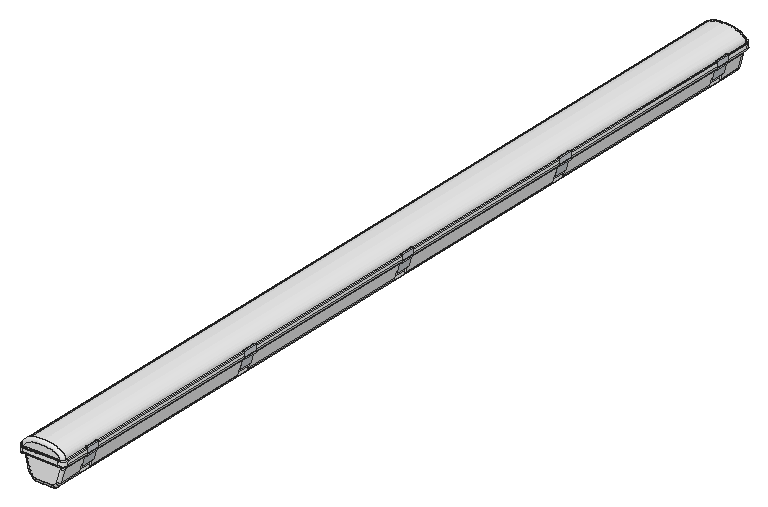
Revit family "0048829 Feilo Sylvania Lighting Fixture HYDROPROOF LED G3 1500MM S 4K QC", category Lighting Fixtures, host Face, Revit 2016
Family settings
  Host = Face
  Part Type = Normal
  Round Connector Dimension = Use Diameter
  OmniClass Number = 23.80.70.11.14
  OmniClass Title = General Luminaries, Directional
  Cut with Voids When Loaded = No
  Light Source = Yes
  Shared = No
  Room Calculation Point = No
Parameters (values of type "0048829 HYDROPROOF LED G3 1500MM S 4K QC  ")
  Width = 84 mm
  Weight = "2.25 kg"
  Wattage Comments = "n/a"
  Wattage = 31 W
  WarrantyStartDate [instance] = "n/a"
  WarrantyGuarantorParts = "n/a"
  WarrantyDurationUnit = "n/a"
  WarrantyDurationParts = "n/a"
  WarrantyDescription = "n/a"
  built-in parameter 1150110 = 1 (stored number, unit not read)
  Voltage = 230 V
  URL = "http://www.sylvania-lighting.com"
  TypeName = "HYDROPROOF LED G3 1500MM S 4K QC"
  Type Image = <None>
  Type Comments = "n/a"
  built-in parameter 1114217 = 1 (stored number, unit not read)
  Tilt Angle = -90.00°
  built-in parameter 1150109 = 1 (stored number, unit not read)
  built-in parameter 1150134 = 12
  built-in parameter 1150113 = 1 (stored number, unit not read)
  SerialNumber [instance] = "n/a"
  ReflectorMaterial = none
  PowerFactor = 0
  PowerConsumption = "31 W"
  Photometric Web File = "0048829.ies"
  NominalWidth = 0 mm
  NominalLength = 1578 mm
  NominalHeight = 75 mm
  Name = "HYDROPROOF LED G3 1500MM S 4K QC"
  ModelReference = "HYDROPROOF LED G3 1500MM S 4K QC"
  ModelNumber = "0048829"
  Model = "HYDROPROOF LED G3 1500MM S 4K QC"
  Material = "grp housing, pmma diffuser"
  ManufacturerName = "Feilo Sylvania"
  Manufacturer = "Feilo Sylvania"
  LuminousEfficacy = "160 lm/W"
  built-in parameter 1150105 = 394.7 (stored number, unit not read)
  Lumens = 4960 lm
  LuminaireType = ""
  built-in parameter 1150115 = 1 (stored number, unit not read)
  LightOutputRatio = "n/a"
  built-in parameter 1150137 = (empty or 0)
  built-in parameter 1150139 = (empty or 0)
  Length = 1572 mm
  LampsType = Lamp  # "LED"
  LampNominalLuminous = "4950 lm"
  LampMacAdamStep = "3"
  LampColourTemperature = "4000 K"
  LampColourRenderingIndex = "80"
  built-in parameter 1150112 = 1 (stored number, unit not read)
  built-in parameter 1150114 = 1 (stored number, unit not read)
  Lamp = "LED"
  Keynote = "16500"
  InstallationDate [instance] = "n/a"
  InputVoltage = "220-240V~"
  InputNominalFrequency = "50/60 Hz"
  built-in parameter 1150132 = (empty or 0)
  built-in parameter 1150102 = (empty or 0)
  built-in parameter 1150107 = 4000 (stored number, unit not read)
  built-in parameter 1150138 = (empty or 0)
  IngressProtection = "IP65"
  ImpactProtectionIndex = "IK02"
  built-in parameter 1150106 = 3.947 (stored number, unit not read)
  IfcExportType = "IfcLightFixtureType"
  IfcExportAs = "IfcLightFixtureType"
  ExpectedLife = 50000
  Emit from Rectangle Width = Width - 20 mm  # 64 mm
  Emit from Rectangle Length = Length - 20 mm  # 1552 mm
  Emit Shape Visible in Rendering = no
  ElectricShockClassification = "Class I"
  built-in parameter 1150104 = 14.864 (stored number, unit not read)
  DurationUnit = "hours"
  DocumentationLiterature = "http://www.sylvania-lighting.com/product/en-int/products/0048829"
  DimmingControlOptions = "Non dimmable"
  Dimming Lamp Color Temperature Shift = <None>
  DiffuserMaterial = Diffuser-Sylvania-Transparent
  Description = "Hydroproof, integrated LED chemical resistant weatherproof luminaire with quick connector, with UV stabilized flat diffuser and linear prisms designed to achieve uniform lit appearance, optimise light output and to reduce glare, stainless steel diffuser clips and fixing brackets for surface and wall mounting. L 1578 mm x W 84 mm x H 75 mm size, GRP housing, PMMA diffuser, Non dimmable,   4000K, CRI80,  4950 lm, 31 W, 160 lm/W, nominal average life (h):50000, energy class: A++ A+ A Class I,IK02, IP65."
  Default Elevation = 1219.2 mm
  CreatedOn = "3/27/2018"
  CreatedBy = "aron.fodor@feilosylvania.com"
  Cost = 0
  Color Filter = 16777215
  built-in parameter 1114216 [instance] = (empty or 0)
  ClassificationValue = "EF_70_80"
  ClassificationName = "Uniclass2015"
  BodyMaterial = Body-Sylvania-Gray
  BarCode [instance] = "n/a"
  built-in parameter 1114218 = 1 (stored number, unit not read)
  built-in parameter 1150133 = 10 (stored number, unit not read)
  AssetType = "Fixed"
  AssetIdentifier [instance] = "n/a"
  Assembly Code = "D5020200"
  Apparent Load = 31 VA
  AccessoryMaterial = Diffuser-Sylvania-Glow
Reference planes
  plane 1 "Center (Front/Back)": y = 0
  plane 2: z = 0
  plane 3 "Center (Left/Right)": x = 0
  plane 4: z = 54
  plane 5: x = -14.7
  plane 6: x = -21.8
  plane 7: x = -26.6
  plane 8: x = -29.2
  plane 9: z = 3
  plane 10: z = 7.8
  plane 11: z = 12.3
  plane 12: z = 36.6
  plane 13: z = 42.8
  plane 14: x = -38.1
  plane 15: z = 46.2
  plane 16: x = -42
  plane 17: y = 786
  plane 18: y = -786
  plane 19: x = 14.7
  plane 20: x = 21.8
  plane 21: x = 26.6
  plane 22: x = 29.2
  plane 23: x = 38.1
  plane 24: x = 42
  plane 25: y = 778.4
  plane 26: y = -778.4
  plane 27: y = -774.7
  plane 28: y = 774.7
  plane 29: z = 74
  plane 30: x = -38.5
  plane 31: x = 38.5
  plane 32: z = 55.2
  plane 33: y = -782.5
  plane 34: y = 782.5
  plane 35: x = -24.5
  plane 36: x = 24.5
  plane 37: x = -35.7
  plane 38: x = 35.7
  plane 39: z = 50.2
  plane 40: z = 24.6
  plane 41: y = -720
  plane 42: y = -734
  plane 43: y = -706
  plane 44: y = 720
  plane 45: y = -720
  plane 46: y = -734
  plane 47: y = -706
  plane 48: y = 720
  plane 49: y = 706
  plane 50: y = 734
  plane 51: y = -360
  plane 52: y = -374
  plane 53: y = -346
  plane 54: y = 0
  plane 55: y = -14
  plane 56: y = 14
  plane 57: y = 360
  plane 58: y = 346
  plane 59: y = 374
Forms (mm)
  Sweep 1, solid, material "Body-Sylvania-Gray" <- "BodyMaterial", detail levels medium+fine
    path origin (1223.4, -4572, 54) x (0, -1, 0) y (1, 0, 0)
      loop
        arc (-3796, -1265.4) -> (-3788.929, -1262.471) -> (-3786, -1255.4) r 10
        line (-3786, -1255.4) -> (-3786, -1191.4)
        arc (-3786, -1191.4) -> (-3788.929, -1184.329) -> (-3796, -1181.4) r 10
        line (-3796, -1181.4) -> (-5348, -1181.4)
        arc (-5348, -1181.4) -> (-5355.071, -1184.329) -> (-5358, -1191.4) r 10
        line (-5358, -1191.4) -> (-5358, -1255.4)
        arc (-5358, -1255.4) -> (-5355.071, -1262.471) -> (-5348, -1265.4) r 10
        line (-5348, -1265.4) -> (-3796, -1265.4)
    profile origin (-42, 0, 54) x (-1, 0, 0) y (0, 0, 1)
      loop
        line (0, 0) -> (-1, 0) -> (-1, -7.726)
        arc (-1, -7.726) -> (-1.994, -9.498) -> (-3.9, -10.2) r 2.937
        line (-3.9, -10.2) -> (-8.571, -10.2) -> (-8.571, -11.2) -> (-3.9, -11.2)
        arc (-3.9, -11.2) -> (-1.313, -10.231) -> (0, -7.8) r 3.937
        line (0, -7.8) -> (0, 0)
  Sweep 2, solid, material "Body-Sylvania-Gray" <- "BodyMaterial", detail levels medium+fine
    path origin (0, 0, 0) x (1, 0, 0) y (0, 0, 1)
      loop
        line (35.7, 42.8) -> (35.7, 36.6) -> (29.203, 12.31)
        arc (29.203, 12.31) -> (28.199, 9.884) -> (26.6, 7.8) r 10.052
        line (26.6, 7.8) -> (21.8, 3)
        arc (21.8, 3) -> (18.554, 0.781) -> (14.7, 0) r 9.902
        line (14.7, 0) -> (0, 0) -> (-14.7, 0)
        arc (-14.7, 0) -> (-18.554, 0.781) -> (-21.8, 3) r 9.902
        line (-21.8, 3) -> (-26.6, 7.8)
        arc (-26.6, 7.8) -> (-28.199, 9.884) -> (-29.203, 12.31) r 10.052
        line (-29.203, 12.31) -> (-35.7, 36.6) -> (-35.7, 42.8)
    profile origin (0, 0, 0) x (0, 0, -1) y (0, -1, 0)
      loop
        arc (0, 773.4) -> (-1.464, 776.936) -> (-5, 778.4) r 5
        line (-5, 778.4) -> (-7.8, 778.4) -> (-7.8, -778.4) -> (-5, -778.4)
        arc (-5, -778.4) -> (-1.464, -776.936) -> (0, -773.4) r 5
        line (0, -773.4) -> (0, 773.4)
  Extrusion 3, solid, material "Body-Sylvania-Gray" <- "BodyMaterial", detail levels medium+fine
    sketch origin (1524, 778.4, 1219.2) x (1, 0, 0) y (0, 0, 1)
      loop
        arc (-1545.668, -1204.874) -> (-1545.443, -1205.418) -> (-1545.085, -1205.885) r 2.252
        line (-1545.085, -1205.885) -> (-1540.231, -1210.738)
        arc (-1540.231, -1210.738) -> (-1539.534, -1211.227) -> (-1538.7, -1211.4) r 2.102
        line (-1538.7, -1211.4) -> (-1509.3, -1211.4)
        arc (-1509.3, -1211.4) -> (-1508.466, -1211.227) -> (-1507.769, -1210.738) r 2.102
        line (-1507.769, -1210.738) -> (-1502.915, -1205.885)
        arc (-1502.915, -1205.885) -> (-1502.557, -1205.418) -> (-1502.332, -1204.874) r 2.252
        line (-1502.332, -1204.874) -> (-1496.1, -1181.575) -> (-1496.1, -1176.4) -> (-1551.9, -1176.4) -> (-1551.9, -1181.575) -> (-1545.668, -1204.874)
    from 0 to 1556.8
  Sweep 4, solid, material "Diffuser-Sylvania-Transparent" <- "DiffuserMaterial", detail levels medium+fine
    path origin (0, 0, 0) x (1, 0, 0) y (0, 0, 1)
      loop
        spline (-38.5, 55.2) -> (-37.188, 60.066) -> (-33.342, 64.6) -> (-27.224, 68.494) -> (-19.25, 71.481) -> (-9.965, 73.359) -> (0, 74) -> (9.965, 73.359) -> (19.25, 71.481) -> (27.224, 68.494) -> (33.342, 64.6) -> (37.188, 60.066) -> (38.5, 55.2)
    profile origin (38.5, 0, 55.2) x (0, -1, 0) y (1, 0, 0)
      loop
        arc (782.5, -5.5) -> (780.889, -1.611) -> (777, 0) r 5.5
        line (777, 0) -> (-777, 0)
        arc (-777, 0) -> (-780.889, -1.611) -> (-782.5, -5.5) r 5.5
        line (-782.5, -5.5) -> (-782.5, -6.3) -> (-781.5, -6.3) -> (-781.5, -5.5)
        arc (-781.5, -5.5) -> (-780.182, -2.318) -> (-777, -1) r 4.5
        line (-777, -1) -> (777, -1)
        arc (777, -1) -> (780.182, -2.318) -> (781.5, -5.5) r 4.5
        line (781.5, -5.5) -> (781.5, -6.347) -> (782.5, -6.347) -> (782.5, -5.5)
  Extrusion 5, solid, material "Diffuser-Sylvania-Transparent" <- "DiffuserMaterial", detail levels medium+fine
    sketch origin (1524, -782.5, 1219.2) x (1, 0, 0) y (0, 0, 1)
      loop
        line (-1556.653, -1164) -> (-1491.347, -1164)
        spline (-1491.347, -1164) -> (-1491.939, -1161.945) -> (-1494.434, -1159.066) -> (-1499.342, -1155.96) -> (-1506.338, -1153.35) -> (-1514.799, -1151.648) -> (-1524, -1151.047) -> (-1533.201, -1151.648) -> (-1541.662, -1153.35) -> (-1548.658, -1155.96) -> (-1553.566, -1159.066) -> (-1556.061, -1161.945) -> (-1556.653, -1164)
    from 0 to -1
  Extrusion 6, solid, material "Diffuser-Sylvania-Transparent" <- "DiffuserMaterial", detail levels medium+fine
    sketch origin (1524, 782.5, 1219.2) x (1, 0, 0) y (0, 0, 1)
      loop
        spline (-1491.3, -1164) -> (-1491.898, -1161.922) -> (-1494.404, -1159.03) -> (-1499.322, -1155.918) -> (-1506.325, -1153.305) -> (-1514.793, -1151.602) -> (-1524, -1151) -> (-1533.207, -1151.602) -> (-1541.675, -1153.305) -> (-1548.678, -1155.918) -> (-1553.596, -1159.03) -> (-1556.102, -1161.922) -> (-1556.7, -1164)
        line (-1556.7, -1164) -> (-1491.3, -1164)
    from 0 to 1
  Extrusion 7, solid, material "Diffuser-Sylvania-Glow" <- "AccessoryMaterial", detail levels fine
    sketch origin (0, 0, 0) x (1, 0, 0) y (0, 0, 1)
      loop
        circle (0, 50.2) r 8
    from -774.7 to 774.7
  Extrusion 8, void
    sketch origin (0, -720, 2343.807) x (0, 0, -1) y (-1, 0, 0)
      loop
        line (2340.807, -24.5) -> (2331.507, -24.5) -> (2319.207, -29.2) -> (2319.207, -35.7) -> (2340.807, -35.7) -> (2340.807, -24.5)
      loop
        line (2340.807, 24.5) -> (2340.807, 35.7) -> (2319.207, 35.7) -> (2319.207, 29.2) -> (2331.507, 24.5) -> (2340.807, 24.5)
    from 14 to -14
  Extrusion 9, void, not visible
    sketch origin (0, -720, 2343.807) x (0, 0, -1) y (-1, 0, 0)
      loop
        line (2340.807, -24.5) -> (2331.507, -24.5) -> (2319.207, -29.2) -> (2319.207, -35.7) -> (2340.807, -35.7) -> (2340.807, -24.5)
      loop
        line (2340.807, 24.5) -> (2340.807, 35.7) -> (2319.207, 35.7) -> (2319.207, 29.2) -> (2331.507, 24.5) -> (2340.807, 24.5)
    from 14 to -14
  Extrusion 10, void
    sketch origin (0, 720, 2343.807) x (0, 0, -1) y (-1, 0, 0)
      loop
        line (2340.807, -24.5) -> (2331.507, -24.5) -> (2319.207, -29.2) -> (2319.207, -35.7) -> (2340.807, -35.7) -> (2340.807, -24.5)
      loop
        line (2340.807, 24.5) -> (2340.807, 35.7) -> (2319.207, 35.7) -> (2319.207, 29.2) -> (2331.507, 24.5) -> (2340.807, 24.5)
    from 14 to -14
  Extrusion 11, void
    sketch origin (0, -360, 2343.807) x (0, 0, -1) y (-1, 0, 0)
      loop
        line (2340.807, -24.5) -> (2331.507, -24.5) -> (2319.207, -29.2) -> (2319.207, -35.7) -> (2340.807, -35.7) -> (2340.807, -24.5)
      loop
        line (2340.807, 24.5) -> (2340.807, 35.7) -> (2319.207, 35.7) -> (2319.207, 29.2) -> (2331.507, 24.5) -> (2340.807, 24.5)
    from 14 to -14
  Extrusion 12, void
    sketch origin (0, 0, 2343.807) x (0, 0, -1) y (-1, 0, 0)
      loop
        line (2340.807, -24.5) -> (2331.507, -24.5) -> (2319.207, -29.2) -> (2319.207, -35.7) -> (2340.807, -35.7) -> (2340.807, -24.5)
      loop
        line (2340.807, 24.5) -> (2340.807, 35.7) -> (2319.207, 35.7) -> (2319.207, 29.2) -> (2331.507, 24.5) -> (2340.807, 24.5)
    from 14 to -14
  Extrusion 13, void
    sketch origin (0, 360, 2343.807) x (0, 0, -1) y (-1, 0, 0)
      loop
        line (2340.807, -24.5) -> (2331.507, -24.5) -> (2319.207, -29.2) -> (2319.207, -35.7) -> (2340.807, -35.7) -> (2340.807, -24.5)
      loop
        line (2340.807, 24.5) -> (2340.807, 35.7) -> (2319.207, 35.7) -> (2319.207, 29.2) -> (2331.507, 24.5) -> (2340.807, 24.5)
    from 14 to -14
  Extrusion 14, solid, material "Diffuser-Sylvania-Transparent" <- "DiffuserMaterial", detail levels medium+fine
    sketch origin (1223.4, -4572, 54) x (0, -1, 0) y (-1, 0, 0)
      loop
        arc (-5348, 1265.4) -> (-5355.071, 1262.471) -> (-5358, 1255.4) r 10
        line (-5358, 1255.4) -> (-5358, 1191.4)
        arc (-5358, 1191.4) -> (-5355.071, 1184.329) -> (-5348, 1181.4) r 10
        line (-5348, 1181.4) -> (-3796, 1181.4)
        arc (-3796, 1181.4) -> (-3788.929, 1184.329) -> (-3786, 1191.4) r 10
        line (-3786, 1191.4) -> (-3786, 1255.4)
        arc (-3786, 1255.4) -> (-3788.929, 1262.471) -> (-3796, 1265.4) r 10
        line (-3796, 1265.4) -> (-5348, 1265.4)
      loop
        arc (-5354.5, 1190.394) -> (-5352.887, 1186.509) -> (-5349, 1184.9) r 5.5
        line (-5349, 1184.9) -> (-3795, 1184.9)
        arc (-3795, 1184.9) -> (-3791.113, 1186.509) -> (-3789.5, 1190.394) r 5.5
        line (-3789.5, 1190.394) -> (-3789.5, 1256.406)
        arc (-3789.5, 1256.406) -> (-3791.113, 1260.291) -> (-3795, 1261.9) r 5.5
        line (-3795, 1261.9) -> (-5349, 1261.9)
        arc (-5349, 1261.9) -> (-5352.887, 1260.291) -> (-5354.5, 1256.406) r 5.5
        line (-5354.5, 1256.406) -> (-5354.5, 1190.394)
    from 0 to -1.2
  Extrusion 15, solid, material "Body-Sylvania-Gray" <- "BodyMaterial", detail levels coarse
    sketch origin (0, 0, 0) x (1, 0, 0) y (0, 0, 1)
      loop
        line (-42, 55.2) -> (-42, 42.8) -> (-26.6, 0) -> (26.6, 0) -> (42, 42.8) -> (42, 55.2) -> (-42, 55.2)
    from -786 to 786
  Extrusion 16, solid, material "Diffuser-Sylvania-Transparent" <- "DiffuserMaterial", detail levels coarse
    sketch origin (0, 0, 0) x (1, 0, 0) y (0, 0, 1)
      loop
        line (-38.5, 55.2) -> (38.5, 55.2)
        arc (38.5, 55.2) -> (0, 74) -> (-38.5, 55.2) r 48.822
    from -778.4 to 778.4
Cuts and joins
  Extrusion 8, Extrusion 10, Extrusion 11, Extrusion 12, Extrusion 13 cuts Sweep 2
  Extrusion 8, Extrusion 10, Extrusion 11, Extrusion 12, Extrusion 13 cuts Extrusion 3
  joined: Sweep 2, Extrusion 3
  joined: Sweep 4, Extrusion 5, Extrusion 6, Extrusion 14
Dimensions and locks
  locked: plane 4 to plane 2 at 54
  plane 5 to plane 6 to plane 7 to plane 8 to plane 14 to plane 16 = 7.1 mm locked, 4.8 mm locked, 2.6 mm locked, 8.9 mm locked, 3.9 mm locked
  plane 4 to plane 15 to plane 13 to plane 12 to plane 11 to plane 10 to plane 9 = 7.8 mm locked, 3.4 mm, 6.2 mm locked, 24.3 mm locked, 4.5 mm locked, 4.8 mm locked
  equal spacing: plane 18, plane 1 "Center (Front/Back)", plane 17
  "Length": plane 18 to plane 17
  plane 19 to plane 20 to plane 21 to plane 22 to plane 23 to plane 24 = 7.1 mm locked, 4.8 mm locked, 2.6 mm locked, 8.9 mm, 3.9 mm
  equal spacing: plane 24, plane 3 "Center (Left/Right)", plane 16
  "Width": plane 24 to plane 16
  equal spacing: plane 27, plane 1 "Center (Front/Back)", plane 28
  locked: plane 26 to plane 27 at 3.7
  locked: Sweep 1 sketch curve to profile plane at 1
  locked: Sweep 1 sketch curve to plane 13 at 1
  locked: Sweep 1 sketch curve to plane 13 at 3.937  (x2)
  locked: Sweep 1 sketch curve to profile plane at 3.9  (x2)
  plane 29 to plane 4 = 20 mm
  equal spacing: plane 31, plane 3 "Center (Left/Right)", plane 30
  locked: plane 30 to plane 16 at 3.5
  locked: plane 32 to plane 4 at 1.2
  equal spacing: plane 33, plane 1 "Center (Front/Back)", plane 34
  equal spacing: plane 36, plane 3 "Center (Left/Right)", plane 35
  locked: plane 34 to plane 17 at 3.5
  equal spacing: plane 38, plane 3 "Center (Left/Right)", plane 37
  locked: plane 37 to plane 16 at 6.3
  equal spacing: plane 25, plane 1 "Center (Front/Back)", plane 26
  locked: plane 17 to plane 25 at 7.6
  locked: Sweep 2 sketch curve to plane 2 at 5  (x2)
  locked: Sweep 2 sketch curve to plane 26 at 5
  locked: plane 25 to Sweep 2 sketch curve at 5
  locked: Sweep 4 sketch curve to plane 31 at 5.5  (x2)
  locked: Sweep 4 sketch curve to plane 34 at 5.5
  plane 33 to Sweep 4 sketch curve = 5.5 mm
  locked: plane 34 to Sweep 4 sketch curve at 1
  locked: Sweep 4 sketch curve to plane 31 at 1
  locked: Sweep 4 sketch curve to Sweep 4 sketch curve at 1
  locked: Sweep 4 sketch curve to plane 31 at 6.347
  locked: Sweep 4 sketch curve to plane 31 at 6.3
  locked: plane 40 to plane 2 at 24.6
  locked: plane 6 to plane 35 at 2.7
  locked: plane 1 "Center (Front/Back)" to plane 41 at 720
  plane 43 to plane 41 to plane 42 = 14 mm locked, 14 mm locked
  locked: plane 44 to plane 1 "Center (Front/Back)" at 720
  plane 47 to plane 45 to plane 46 = 14 mm locked, 14 mm locked
  plane 50 to plane 48 to plane 49 = 14 mm locked, 14 mm locked  (x2)
  equal spacing: group 1, group 6, group 7, group 8, group 5  (x3)
  plane 53 to plane 51 to plane 52 = 14 mm locked, 14 mm locked  (x2)
  plane 56 to plane 54 to plane 55 = 14 mm locked, 14 mm locked  (x2)
  plane 59 to plane 57 to plane 58 = 14 mm locked, 14 mm locked  (x2)
  plane 48 to plane 57 to plane 1 "Center (Front/Back)" to plane 51 to plane 41 = 360 mm locked, 360 mm locked, 360 mm locked, 360 mm locked
  aligned and locked: plane 2 to host face
  aligned and locked: level to host face
  aligned and locked: plane 16 to Sweep 1 sketch curve
  aligned and locked: Sweep 1 sketch curve to plane 24
  aligned and locked: plane 18 to Sweep 1 sketch curve
  aligned and locked: Sweep 1 sketch curve to plane 13
  aligned and locked: profile plane to Sweep 1 sketch curve
  aligned and locked: plane 3 "Center (Left/Right)" to Sweep 2 sketch curve
  aligned and locked: plane 9 to Sweep 2 sketch curve
  aligned and locked: plane 10 to Sweep 2 sketch curve
  aligned and locked: plane 37 to Sweep 2 sketch curve
  aligned and locked: plane 12 to Sweep 2 sketch curve
  aligned and locked: Sweep 2 sketch curve to level
  aligned and locked: plane 21 to Sweep 2 sketch curve
  aligned and locked: plane 38 to Sweep 2 sketch curve
  aligned and locked: profile plane to Sweep 2 sketch curve
  aligned and locked: plane 25 to Sweep 2 sketch curve
  aligned and locked: Sweep 2 sketch curve to plane 10
  aligned and locked: Extrusion 3 sketch curve to Sweep 2  (x7)
  aligned and locked: Sweep 2 to Extrusion 3 sketch curve
  aligned and locked: Extrusion 3 to plane 25
  aligned and locked: plane 26 to Extrusion 3
  aligned and locked: plane 32 to Sweep 4 sketch curve
  aligned and locked: plane 33 to Sweep 4 sketch curve
  aligned and locked: Sweep 4 to Extrusion 5
  aligned and locked: plane 33 to Extrusion 5
  aligned and locked: plane 39 to Extrusion 7 sketch curve
  aligned and locked: plane 27 to Extrusion 7
  aligned and locked: Extrusion 7 to plane 28
  aligned and locked: Extrusion 6 sketch curve to Sweep 4
  aligned and locked: Extrusion 5 sketch curve to Sweep 4
  aligned and locked: Extrusion 8 to plane 43
  aligned and locked: plane 42 to Extrusion 8
  aligned and locked: Extrusion 10 to plane 50
  aligned and locked: plane 49 to Extrusion 10
  aligned and locked: Extrusion 11 to plane 53
  aligned and locked: plane 52 to Extrusion 11
  aligned and locked: Extrusion 12 to plane 56
  aligned and locked: plane 55 to Extrusion 12
  aligned and locked: Extrusion 13 to plane 59
  aligned and locked: plane 58 to Extrusion 13
  aligned and locked: plane 3 "Center (Left/Right)" to Extrusion 7 sketch curve
  aligned and locked: Extrusion 14 sketch curve to Sweep 1  (x4)
  aligned and locked: Extrusion 14 to plane 32
  aligned and locked: plane 4 to Extrusion 14
  aligned and locked: plane 48 to nested 1
  aligned and locked: plane 57 to nested 2
  aligned and locked: plane 54 to nested 3
  aligned and locked: nested 4 to plane 51
  aligned and locked: nested 5 to plane 41
  aligned and locked: plane 41 to nested 10
  aligned and locked: plane 51 to nested 9
  aligned and locked: plane 54 to nested 8
  aligned and locked: plane 57 to nested 7
  aligned and locked: plane 48 to nested 6
  aligned and locked: plane 1 "Center (Front/Back)" to imposter light
  aligned and locked: plane 3 "Center (Left/Right)" to imposter light
  aligned and locked: imposter light to plane 29
  aligned and locked: plane 7 to Extrusion 15 sketch curve
  aligned and locked: plane 2 to Extrusion 15 sketch curve
  aligned and locked: Extrusion 15 sketch curve to nested 6
  aligned and locked: Extrusion 15 sketch curve to nested 1
  aligned and locked: plane 18 to Extrusion 15
  aligned and locked: Extrusion 15 to plane 17
  aligned and locked: Extrusion 15 to Sweep 1  (x2)
  aligned and locked: plane 30 to Extrusion 16 sketch curve
  aligned and locked: plane 31 to Extrusion 16 sketch curve
  aligned and locked: Extrusion 16 sketch curve to cut or joined group of Sweep 4, Extrusion 5, Extrusion 6, Extrusion 14
  aligned and locked: Extrusion 16 to plane 25
  aligned and locked: plane 26 to Extrusion 16
Automatic sketch dimensions
  host sketch curve to host sketch curve = 2438.4 mm  (x2)
  plane 17 to Sweep 1 sketch curve = 0 mm
  Sweep 1 sketch curve to plane 28 = 1.3 mm
  Sweep 1 sketch curve to plane 7 = 5.4 mm
  plane 27 to Sweep 1 sketch curve = 1.3 mm  (x2)
  Sweep 1 sketch curve to Sweep 1 sketch curve = 4.671 mm
  Sweep 1 sketch curve to plane 4 = 0 mm
  Sweep 2 sketch curve to plane 7 = 0 mm
  Sweep 2 sketch curve to plane 6 = 0 mm
  Sweep 2 sketch curve to plane 5 = 0 mm
  plane 19 to Sweep 2 sketch curve = 0 mm
  Sweep 2 sketch curve to plane 9 = 0 mm
  plane 20 to Sweep 2 sketch curve = 0 mm
  Sweep 2 sketch curve to plane 12 = 0 mm
  Sweep 2 sketch curve to plane 10 = 0 mm
  Sweep 2 sketch curve to plane 13 = 0 mm  (x2)
  Sweep 2 sketch curve to plane 8 = 0.003 mm
  plane 6 to Sweep 2 sketch curve = 2.308 mm
  plane 20 to Sweep 2 sketch curve = 2.308 mm
  Sweep 2 sketch curve to plane 22 = 0.003 mm
  Sweep 2 sketch curve to plane 11 = 0.01 mm  (x2)
  Extrusion 3 sketch curve to plane 5 = 0 mm
  plane 19 to Extrusion 3 sketch curve = 0 mm
  plane 6 to Extrusion 3 sketch curve = 0.132 mm
  plane 6 to Extrusion 3 sketch curve = 0.715 mm
  Extrusion 3 sketch curve to Extrusion 3 sketch curve = 1.592 mm
  Extrusion 3 sketch curve to plane 10 = 0.662 mm  (x2)
  plane 20 to Extrusion 3 sketch curve = 2.308 mm
  plane 20 to Extrusion 3 sketch curve = 0.715 mm
  plane 20 to Extrusion 3 sketch curve = 0.132 mm
  Sweep 4 sketch curve to plane 30 = 0 mm
  Sweep 4 sketch curve to plane 3 "Center (Left/Right)" = 0 mm
  Sweep 4 sketch curve to Sweep 4 sketch curve = 0 mm  (x2)
  plane 37 to Extrusion 6 sketch curve = 3 mm
  Extrusion 6 sketch curve to plane 38 = 3 mm
  plane 37 to Extrusion 5 sketch curve = 3.047 mm
  Extrusion 5 sketch curve to plane 38 = 3.047 mm
  Extrusion 8 sketch curve to Extrusion 8 sketch curve = 0 mm
  Extrusion 8 sketch curve to Extrusion 8 sketch curve = 12.3 mm  (x2)
  Extrusion 8 sketch curve to Extrusion 8 sketch curve = 9.3 mm  (x2)
  Extrusion 8 sketch curve to Extrusion 8 sketch curve = 6.5 mm  (x2)
  Extrusion 8 sketch curve to Extrusion 8 sketch curve = 4.7 mm  (x2)
  Extrusion 8 sketch curve to Extrusion 8 sketch curve = 49 mm
  Extrusion 9 sketch curve to Extrusion 9 sketch curve = 0 mm
  Extrusion 9 sketch curve to Extrusion 9 sketch curve = 12.3 mm  (x2)
  Extrusion 9 sketch curve to Extrusion 9 sketch curve = 9.3 mm  (x2)
  Extrusion 9 sketch curve to Extrusion 9 sketch curve = 6.5 mm  (x2)
  Extrusion 9 sketch curve to Extrusion 9 sketch curve = 4.7 mm  (x2)
  Extrusion 9 sketch curve to Extrusion 9 sketch curve = 49 mm
  Extrusion 10 sketch curve to Extrusion 10 sketch curve = 0 mm
  Extrusion 10 sketch curve to Extrusion 10 sketch curve = 12.3 mm  (x2)
  Extrusion 10 sketch curve to Extrusion 10 sketch curve = 9.3 mm  (x2)
  Extrusion 10 sketch curve to Extrusion 10 sketch curve = 6.5 mm  (x2)
  Extrusion 10 sketch curve to Extrusion 10 sketch curve = 4.7 mm  (x2)
  Extrusion 10 sketch curve to Extrusion 10 sketch curve = 49 mm
  Extrusion 11 sketch curve to Extrusion 11 sketch curve = 0 mm
  Extrusion 11 sketch curve to Extrusion 11 sketch curve = 12.3 mm  (x2)
  Extrusion 11 sketch curve to Extrusion 11 sketch curve = 9.3 mm  (x2)
  Extrusion 11 sketch curve to Extrusion 11 sketch curve = 6.5 mm  (x2)
  Extrusion 11 sketch curve to Extrusion 11 sketch curve = 4.7 mm  (x2)
  Extrusion 11 sketch curve to Extrusion 11 sketch curve = 49 mm
  Extrusion 12 sketch curve to Extrusion 12 sketch curve = 0 mm
  Extrusion 12 sketch curve to Extrusion 12 sketch curve = 12.3 mm  (x2)
  Extrusion 12 sketch curve to Extrusion 12 sketch curve = 9.3 mm  (x2)
  Extrusion 12 sketch curve to Extrusion 12 sketch curve = 6.5 mm  (x2)
  Extrusion 12 sketch curve to Extrusion 12 sketch curve = 4.7 mm  (x2)
  Extrusion 12 sketch curve to Extrusion 12 sketch curve = 49 mm
  Extrusion 13 sketch curve to Extrusion 13 sketch curve = 0 mm
  Extrusion 13 sketch curve to Extrusion 13 sketch curve = 12.3 mm  (x2)
  Extrusion 13 sketch curve to Extrusion 13 sketch curve = 9.3 mm  (x2)
  Extrusion 13 sketch curve to Extrusion 13 sketch curve = 6.5 mm  (x2)
  Extrusion 13 sketch curve to Extrusion 13 sketch curve = 4.7 mm  (x2)
  Extrusion 13 sketch curve to Extrusion 13 sketch curve = 49 mm
  Extrusion 14 sketch curve to plane 34 = 0 mm
  plane 30 to Extrusion 14 sketch curve = 0 mm
  Extrusion 14 sketch curve to plane 31 = 0 mm
  plane 33 to Extrusion 14 sketch curve = 0 mm
  plane 25 to Extrusion 14 sketch curve = 1.4 mm  (x4)
  Extrusion 14 sketch curve to plane 26 = 1.4 mm  (x4)
  plane 37 to Extrusion 14 sketch curve = 2.694 mm  (x2)
  Extrusion 14 sketch curve to plane 38 = 2.694 mm  (x2)
  plane 21 to Extrusion 15 sketch curve = 0 mm
  Extrusion 15 sketch curve to plane 13 = 0 mm  (x2)
  Extrusion 15 sketch curve to plane 32 = 0 mm
  Extrusion 16 sketch curve to plane 40 = 0.578 mm
  radius of Extrusion 7 sketch curve = 8 mm
Nested families
  nested 1: "Clip" at (-29.2, 720, 24.6) x (-1, 0, 0) z (0, 0, 1), type "Clip", detail levels fine
  nested 2: "Clip" at (-29.2, 360, 24.6) x (-1, 0, 0) z (0, 0, 1), type "Clip", detail levels fine
  nested 3: "Clip" at (-29.2, 0, 24.6) x (-1, 0, 0) z (0, 0, 1), type "Clip", detail levels fine
  nested 4: "Clip" at (-29.2, -360, 24.6) x (-1, 0, 0) z (0, 0, 1), type "Clip", detail levels fine
  nested 5: "Clip" at (-29.2, -720, 24.6) x (-1, 0, 0) z (0, 0, 1), type "Clip", detail levels fine
  nested 6: "Clip" at (29.2, 720, 24.6), type "Clip", detail levels fine
  nested 7: "Clip" at (29.2, 360, 24.6), type "Clip", detail levels fine
  nested 8: "Clip" at (29.2, 0, 24.6), type "Clip", detail levels fine
  nested 9: "Clip" at (29.2, -360, 24.6), type "Clip", detail levels fine
  nested 10: "Clip" at (29.2, -720, 24.6), type "Clip", detail levels fine
Connectors
  electrical at (0, 0, 0), driven by "Apparent Load"
    settings: index 1, voltage 230 V, apparent load 31 VA, apparent load phase1 0 VA, apparent load phase2 0 VA, apparent load phase3 0 VA, power factor 0, load classification "Lighting", number of poles 1, system type 30, power factor state 1, is connector primary yes, connector utility no, sub classification motor no, connector description ""
Definition of nested family "Clip"
  Parameters (values of type "Clip")
    URL = "http://www.feilosylvania.com"
    Type Comments = "n/a"
    Model = "n/a"
    Manufacturer = "Feilo Sylvania"
    Keynote = "n/a"
    Description = "n/a"
    Default Elevation = 1219.2 mm
    Cost = 0
    BodyMaterial = none
    Assembly Code = "n/a"
  Reference planes
    plane 1 "Center (Front/Back)": y = 0
    plane 2: z = 0
    plane 3 "Center (Left/Right)": x = 0
    plane 4: x = 3.3
    plane 5: x = 6.5
    plane 6: x = 8.9
    plane 7: x = 12.8
    plane 8: z = 12
    plane 9: z = 18.2
    plane 10: z = 21.6
    plane 11: z = 30.6
    plane 12: x = 9.3
    plane 13: z = 19.2
    plane 14: z = 16.2
    plane 15: x = 10.1
    plane 16: y = 12
    plane 17: y = -12
  Forms (mm)
    Extrusion 1, solid
      sketch origin (-0.8, 0, 0) x (1, 0, 0) y (0, 1, 0)
        loop
          line (-1219.2, 1219.2) -> (-1219.2, -1219.2) -> (1219.2, -1219.2) -> (1219.2, 1219.2) -> (-1219.2, 1219.2)
      from 0 to -304.8
    Extrusion 2, solid
      sketch origin (0, 0, 0) x (1, 0, 0) y (0, 0, 1)
        loop
          line (8.9, 16.2) -> (4.58, 0) -> (0, 0) -> (0, -0.8) -> (5.195, -0.8) -> (9.603, 15.731) -> (13.6, 18.806) -> (13.6, 30.6)
          arc (13.6, 30.6) -> (11.45, 32.75) -> (9.3, 30.6) r 2.15
          line (9.3, 30.6) -> (10.1, 30.6)
          arc (10.1, 30.6) -> (11.45, 31.95) -> (12.8, 30.6) r 1.35
          line (12.8, 30.6) -> (12.8, 19.2) -> (8.9, 16.2)
      from -12 to 12
  Lines and regions (mm)
    reference lines
      curve 1: line (3.3, 0, 0) -> (6.5, 0, 12)
      curve 2: arc (8.9, 0, 18.2) -> (11.488, 0, 19.169) -> (12.8, 0, 21.6) r 3.934
  Dimensions and locks
    plane 7 to plane 6 to plane 5 to plane 4 to plane 3 "Center (Left/Right)" = 3.9 mm locked, 2.4 mm locked, 3.2 mm locked, 3.3 mm locked
    plane 11 to plane 10 to plane 9 to plane 8 to plane 2 = 9 mm locked, 3.4 mm locked, 6.2 mm locked, 12 mm locked
    locked: plane 7 to plane 12 at 3.5
    locked: plane 13 to plane 9 at 1
    locked: plane 9 to plane 14 at 2
    locked: plane 15 to plane 12 at 0.8
    locked: plane 2 to Extrusion 2 sketch curve at 0.8
    locked: Extrusion 2 sketch curve to Extrusion 2 sketch curve at 0.8  (x3)
    locked: plane 7 to Extrusion 2 sketch curve at 1.35
    equal spacing: plane 17, plane 1 "Center (Front/Back)", plane 16
    locked: plane 1 "Center (Front/Back)" to plane 16 at 12
    aligned and locked: plane 2 to Extrusion 1
    aligned and locked: level to Extrusion 1
    aligned and locked: plane 4 to curve 1
    aligned and locked: plane 5 to curve 1
    aligned and locked: plane 6 to curve 2
    aligned and locked: plane 10 to curve 2
    aligned and locked: plane 14 to Extrusion 2 sketch curve
    aligned and locked: plane 13 to Extrusion 2 sketch curve
    aligned and locked: plane 7 to Extrusion 2 sketch curve
    aligned and locked: plane 3 "Center (Left/Right)" to Extrusion 2 sketch curve
    aligned and locked: Extrusion 2 sketch curve to level
    aligned and locked: Extrusion 2 sketch curve to plane 11
    aligned and locked: plane 11 to Extrusion 2 sketch curve
    aligned and locked: Extrusion 2 to plane 16
    aligned and locked: plane 17 to Extrusion 2
  Automatic sketch dimensions
    Extrusion 1 sketch curve to Extrusion 1 sketch curve = 2438.4 mm  (x2)
    curve 2 to plane 7 = 0 mm
    curve 1 to level = 0 mm
    curve 1 to plane 8 = 0 mm
    curve 2 to plane 9 = 0 mm
    plane 6 to curve 2 = 0.002 mm
    Extrusion 2 sketch curve to Extrusion 2 sketch curve = 0 mm
    Extrusion 2 sketch curve to plane 6 = 0 mm
    plane 4 to Extrusion 2 sketch curve = 1.28 mm
